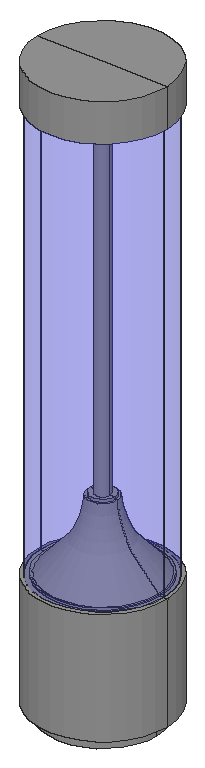
Revit family "CO15", category Lighting Fixtures, host Face, Revit 2022
Family settings
  Host = Face
  Round Connector Dimension = Use Diameter
  Part Type = Normal
  Cut with Voids When Loaded = Yes
  Light Source = Yes
  Maintain Annotation Orientation = No
  Shared = No
  Room Calculation Point = No
Parameters (values of type "CO15W-3000K")
  Wattage Comments = "15W"
  Wattage = 8.07853 W
  built-in parameter 1150110 = 1 (stored number, unit not read)
  URL = "https://www.abovealllighting.com/Product/LED-OUTDOOR-FIXTURES/LEDMOONSERIESPOSTTOP/RubikPoleLightRBK5.html"
  built-in parameter 1114217 = 1 (stored number, unit not read)
  Tilt Angle = 90.00°
  built-in parameter 1150109 = 1 (stored number, unit not read)
  built-in parameter 1150134 = (empty or 0)
  built-in parameter 1150113 = 1 (stored number, unit not read)
  Power Factor = "0.9"
  Photometric Web File = "CO15-3000K.IES"
  Model = "CO15"
  Manufacturer = "Above All Lighting"  # constant formula
  built-in parameter 1150105 = 362.06 (stored number, unit not read)
  Lumens = 1200 lm
  built-in parameter 1150115 = 1 (stored number, unit not read)
  Load Classification = Lighting
  built-in parameter 1150137 = (empty or 0)
  built-in parameter 1150139 = (empty or 0)
  built-in parameter 1150112 = 1 (stored number, unit not read)
  built-in parameter 1150114 = 1 (stored number, unit not read)
  Lamp = "LED"
  Input Voltage = "120-277V"
  built-in parameter 1150132 = 2
  built-in parameter 1150102 = (empty or 0)
  built-in parameter 1150107 = 3000 (stored number, unit not read)
  built-in parameter 1150138 = (empty or 0)
  built-in parameter 1150106 = 3.6206 (stored number, unit not read)
  IP Rating = "65"
  built-in parameter 1150104 = 13.8 (stored number, unit not read)
  Dimming Lamp Color Temperature Shift = <None>
  Default Elevation = 0' - 0"
  Color Filter = 16777215
  CRI = "80"
  built-in parameter 1114218 = 1 (stored number, unit not read)
  built-in parameter 1150133 = 10 (stored number, unit not read)
Reference planes (in)
  plane 1 "Center (Front/Back)": y = 0
  plane 2: z = 0
  plane 3 "Center (Left/Right)": x = 0
  plane 4: z = 0.43
  plane 5: z = 21.3
  plane 6: x = -2.36
  plane 7: x = 2.36
  plane 8: y = -1.18
  plane 9: y = 0
Forms (in)
  Revolve 1, solid, material "Metal, Paint Finish, White, Matte"
    sketch origin (0, 0, 0) x (1, 0, 0) y (0, 0, 1)
      loop
        line (0, 21.3) -> (-2.36, 21.3) -> (-2.36, 19.9209) -> (-2.16339, 19.9209) -> (-2.16339, 20.6709) -> (0, 20.6709) -> (0, 21.3)
      loop
        line (-2.36, 4.58018) -> (-2.36, 0.43) -> (-1.98195, 0.43) -> (-1.98195, 0) -> (0, 0) -> (0, 4.63474) -> (-2.08661, 4.63474) -> (-2.08661, 4.58018) -> (-2.36, 4.58018)
      axis (0, 21.3) -> (0, 0)
    angle from 0 to 360
  Revolve 2, solid, material "Glass"
    sketch origin (0, 0, 0) x (1, 0, 0) y (0, 0, 1)
      loop
        line (-2.25502, 4.58018) -> (-2.2216, 4.58018) -> (-2.2216, 19.9209) -> (-2.25502, 19.9209) -> (-2.25502, 4.58018)
      axis (0, 19.9209) -> (0, 4.58018)
    angle from 0 to 360
  Revolve 3, solid, material "Aluminum"
    sketch origin (0, 0, 0) x (1, 0, 0) y (0, 0, 1)
      loop
        line (-0.26389, 19.9209) -> (-0.26389, 7.24655) -> (-0.22138, 7.24655) -> (-0.22138, 19.9209) -> (-0.26389, 19.9209)
      axis (0, 19.9209) -> (0, 7.24655)
    angle from 0 to 360
  Revolve 4, solid, material "Acrylic"
    sketch origin (0, 0, 0) x (1, 0, 0) y (0, 0, 1)
      loop
        line (-2.0086, 4.63474) -> (0, 4.63474) -> (0, 7.24655) -> (-0.43596, 7.24655) -> (-0.43596, 7.16105) -> (-0.5288, 7.16105)
        spline (-0.5288, 7.16105) -> (-0.54499, 6.92968) -> (-0.58786, 6.70507) -> (-0.64881, 6.4904) -> (-0.71952, 6.28876) -> (-0.79612, 6.10171) -> (-0.87879, 5.92939) -> (-0.96786, 5.77191) -> (-1.0653, 5.62742) -> (-1.18974, 5.47443) -> (-1.36949, 5.28002) -> (-1.63297, 5.01114) -> (-2.0086, 4.63474)
      axis (0, 7.24655) -> (0, 4.63474)
    angle from 0 to 360
  Revolve 5, solid, material "Glass"
    sketch origin (0, 0, 0) x (1, 0, 0) y (0, 0, 1)
      loop
        line (-2.16339, 19.9209) -> (0, 19.9209) -> (0, 19.98594) -> (-2.16339, 19.98594) -> (-2.16339, 19.9209)
      axis (0, 19.9209) -> (0, 19.98594)
    angle from 0 to 360
Dimensions and locks (in)
  locked: plane 9 to plane 8 at 1.18
  locked: plane 8 to plane 1 "Center (Front/Back)" at 1.18
  locked: plane 5 to plane 4 at 20.87
  aligned and locked: plane 2 to host face
  aligned and locked: level to host face
  aligned and locked: plane 5 to Revolve 1
  aligned and locked: Revolve 4 sketch curve to Revolve 1
  aligned and locked: Revolve 1 to Revolve 5 sketch curve
  aligned and locked: Revolve 5 sketch curve to Revolve 1
  aligned and locked: plane 3 "Center (Left/Right)" to Revolve 5 sketch curve
